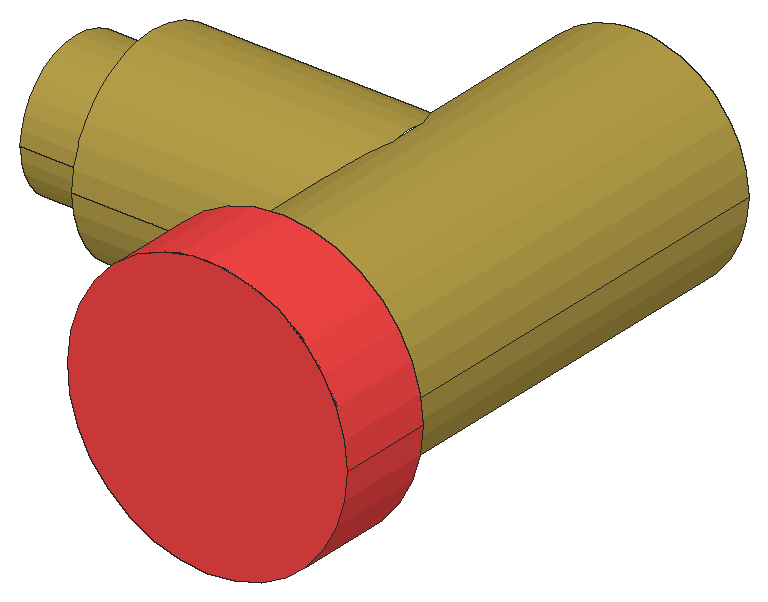
Revit family "Угловой запорно-регулирующий вентиль", category Арматура трубопроводов, Revit 2020
Family settings
  Размер круглого соединителя = Использовать диаметр
  Тип детали = Клапан - Вставляется
  Номер OmniClass = 23.65.55.14.21
  Заголовок OmniClass = Non-Return Valves for Liquid Services
  На основе рабочей плоскости = Нет
  Всегда вертикально = Нет
  При загрузке вырезать с полостями = Нет
  Общий = Да
Parameters (values of type "Dn15")
  Отметка по умолчанию = 0 mm
  Материал клапана = Латунь
  K Coefficient = 0
  Толщина крышки = 0.15 * Длина корпуса  # 12.3 mm
  Высота крышки = 36 mm
  Диаметр крышки = 39 mm
  Длина корпуса = 82 mm
  Диаметр корпуса = 0.6 * Диаметр адаптера  # 10.8 mm
  Длина адаптера = 0.1 * Длина корпуса  # 8.2 mm
  Диаметр адаптера = 1.2 * ADSK_Диаметр условный  # 18 mm
  URL = "https://www.weser.ru/about/documentation/"
  Kvs [instance] = 0.0 m³/h
  ADSK_Позиция = ""
  ADSK_Наименование краткое = "Термостатический вентиль"  # constant formula
  ADSK_Наименование = "Угловой запорно-регулирующий вентиль Dn15"
  ADSK_Масса_Текст = ""
  ADSK_Код изделия = "820220"
  ADSK_Завод-изготовитель = "Weser"  # constant formula
  ADSK_Единица измерения = "шт."  # constant formula
  ADSK_Диаметр условный = 15 mm
  ADSK_Группирование [instance] = ""
Types (2, lengths in mm): name | Диаметр корпуса | Диаметр адаптера | ADSK_Наименование | ADSK_Код изделия | ADSK_Диаметр условный
  Dn15 | 10.8 | 18 | "Угловой запорно-регулирующий вентиль Dn15" | "820220" | 15
  Dn20 | 14.4 | 24 | "Угловой запорно-регулирующий вентиль Dn20" | "820230" | 20
Reference planes
  plane 1 "По центру (Вперед/Назад)": y = 0
  plane 2: z = 0
  plane 3 "По центру (Влево/Вправо)": x = 0
  plane 4: x = -41
  plane 5: x = 41
  plane 6: x = -32.8
  plane 7: z = 23.7
  plane 8: z = 36
  plane 9: z = -10.8
  plane 10: z = -16.8
  plane 11: x = -3.6
  plane 12: x = -10.8
  plane 13: y = 23.671
  plane 14: y = -23.671
Forms (mm)
  Extrusion 1, solid, material "Латунь" <- "Материал клапана", detail levels fine
    sketch origin (0, 0, 0) x (0, 1, 0) y (0, 0, 1)
      loop
        circle (0, 0) r 10.8
    from -32.8 to 0
  Extrusion 2, solid, material "Латунь" <- "Материал клапана", detail levels fine
    sketch origin (0, 0, 0) x (1, 0, 0) y (0, 0, 1)
      loop
        circle (0, 0) r 11.951
    from -23.739 to 23.671
  Extrusion 3, solid, material "Латунь" <- "Материал клапана", detail levels fine
    sketch origin (-41, 552.765, 1219.2) x (0, 1, 0) y (0, 0, 1)
      loop
        circle (-552.765, -1219.2) r 7.5
    from 0 to 8.2
  Extrusion 4, solid, material "Пластик Красный", detail levels fine
    sketch origin (-152.652, -23.671, 1219.2) x (-1, 0, 0) y (0, 0, 1)
      loop
        circle (-152.652, -1219.2) r 15
    from 0 to -10
Cuts and joins
  joined: Extrusion 1, Extrusion 2, Extrusion 3
Dimensions and locks
  equal spacing: plane 4, plane 3 "По центру (Влево/Вправо)", plane 5
  "Длина корпуса": plane 4 to plane 5
  "Длина адаптера": plane 4 to plane 6
  "Толщина крышки": plane 8 to plane 7
  "Высота крышки": plane 8 to plane 2
  locked: plane 2 to plane 9 at 10.8
  locked: plane 9 to plane 10 at 6
  locked: plane 3 "По центру (Влево/Вправо)" to plane 11 at 3.6
  locked: plane 3 "По центру (Влево/Вправо)" to plane 12 at 10.8
  locked: plane 13 to plane 1 "По центру (Вперед/Назад)" at 23.671
  locked: plane 1 "По центру (Вперед/Назад)" to plane 14 at 23.671
  locked: Extrusion 1 sketch curve to Extrusion 1 sketch curve (radius 10.8 mm)
  "ADSK_Диаметр условный": diameter of Extrusion 3 sketch curve
  aligned and locked: plane 2 to Extrusion 1 sketch curve
  aligned and locked: plane 1 "По центру (Вперед/Назад)" to Extrusion 1 sketch curve
  aligned and locked: Extrusion 1 to plane 6
  aligned and locked: plane 3 "По центру (Влево/Вправо)" to Extrusion 2 sketch curve
  aligned and locked: cut or joined group of Extrusion 1, Extrusion 2, Extrusion 3 to plane 14
  aligned and locked: plane 6 to Extrusion 3
  aligned and locked: Extrusion 3 to plane 4
  aligned and locked: nested 1 to plane 3 "По центру (Влево/Вправо)"
  aligned and locked: plane 1 "По центру (Вперед/Назад)" to nested 1
Automatic sketch dimensions
  Extrusion 2 sketch curve to level = 0 mm
  Extrusion 3 sketch curve to level = 0 mm
  Extrusion 3 sketch curve to plane 1 "По центру (Вперед/Назад)" = 0 mm
  Extrusion 4 sketch curve to level = 0 mm
  Extrusion 4 sketch curve to plane 3 "По центру (Влево/Вправо)" = 0 mm
  radius of Extrusion 2 sketch curve = 11.951 mm
  radius of Extrusion 4 sketch curve = 15 mm
Nested families
  nested 1: "УГО Клапан регулирующий угловой" at (0, 0, 0), type "УГО Клапан регулирующий проходной", detail levels coarse+medium
    with УГО в разрезе no, УГО в плане yes, L1 14.674 mm, L 102.717 mm, H 37.601 mm, D 37.601 mm, ADSK_Позиция "", ADSK_Обозначение "", ADSK_Наименование "", ADSK_Код изделия ""
Connectors
  piping at (-32.8, 0, 0), diameter 15, driven by "ADSK_Диаметр условный"
    settings: on cut or joined group of Extrusion 1, Extrusion 2, Extrusion 3, index 1, connector inside diameter 609.6 mm, connector length 0 mm, flow factor 0, pipe flow 0.0 m³/h, pressure drop 0.0 Pa, fitting loss kfactor 0, connector angle 0.00°, fixture units 0, engagement length 0 mm, angle of deflection 0.00°, flow configuration 0, flow direction 0, fitting loss method 0, system type 29, joint type 0, gender type 0, connector reference index 2, connector utility 0, adjustable connector no, is connector primary yes, connector description ""
  piping at (0, 23.739, 0), diameter 15, driven by "ADSK_Диаметр условный"
    settings: on cut or joined group of Extrusion 1, Extrusion 2, Extrusion 3, index 2, connector inside diameter 609.6 mm, connector length 0 mm, flow factor 0, pipe flow 0.0 m³/h, pressure drop 0.0 Pa, fitting loss kfactor 0, connector angle 90.00°, fixture units 0, engagement length 0 mm, angle of deflection 0.00°, flow configuration 0, flow direction 0, fitting loss method 0, system type 29, joint type 0, gender type 0, connector reference index 1, connector utility 0, adjustable connector no, is connector primary no, connector description ""
  piping at (0, -23.671, 0), diameter 30
    settings: on Extrusion 4, index 3, connector inside diameter 609.6 mm, connector length 0 mm, flow factor 0, pipe flow 0.0 m³/h, pressure drop 0.0 Pa, fitting loss kfactor 0, connector angle 0.00°, fixture units 0, engagement length 0 mm, angle of deflection 0.00°, flow configuration 0, flow direction 0, fitting loss method 0, system type 28, joint type 0, gender type 0, connector reference index -1, connector utility 0, adjustable connector no, is connector primary no, connector description ""
Definition of nested family "УГО Клапан регулирующий угловой"
  Parameters (values of type "УГО Клапан запорно-балансировочный ручной")
    УГО в разрезе [instance] = not(УГО в плане)  # no
    УГО в плане [instance] = yes
    Разработчик (телефон) = ""
    Разработчик (email) = ""
    Разработчик (URL) = ""
    Разработчик = ""
    Default Elevation = 0 mm
    Manufacturer = ""
    L1 [instance] = L / 7  # 14.286 mm
    L [instance] = 100 mm
    H [instance] = D  # 44.634 mm
    D [instance] = 44.634 mm
    ADSK_Позиция [instance] = ""
    ADSK_Обозначение [instance] = ""
    ADSK_Наименование [instance] = ""
    ADSK_Масса = 0
    ADSK_Количество = 1  # constant formula
    ADSK_Код изделия [instance] = ""
    ADSK_Завод-изготовитель = Manufacturer  # ""
    ADSK_Единица измерения = "шт"  # constant formula
    ADSK_URL документации изделия = ""
  Types (3, lengths in mm): name | L1 | L | H | D
    УГО Клапан регулирующий проходной | 3.146 | 22.023 | 44.634 | 44.634
    УГО Клапан запорный | 28.571 | 200 | 100 | 100
    УГО Клапан запорно-балансировочный ручной | 14.286 | 100 | 44.634 | 44.634
  Reference planes
    plane 1 "По центру (Вперед/Назад)": y = 0
    plane 2: z = 0
    plane 3 "По центру (Влево/Вправо)": x = 0
    plane 4: x = -50
    plane 5: x = -7.143
    plane 6: x = 50
    plane 7: x = 7.143
    plane 8: y = 44.634
    plane 9: y = 22.317
    plane 10: y = -22.317
    plane 11: z = 22.317
    plane 12: z = 44.634
    plane 13: z = -22.317
    plane 14: x = -22.317
    plane 15: x = 22.317
    plane 16: y = 50
    plane 17: y = -50
    plane 18: y = -35
    plane 19: x = -35
  Lines and regions (mm)
    symbolic lines, detail levels coarse+medium
      curve 1: line (-35, 22.317, 0) -> (-35, -22.317, 0)
      curve 2: line (-35, -22.317, 0) -> (0, 0, 0)
      curve 3: line (0, 0, 0) -> (-35, 22.317, 0)
      curve 4: line (0, 0, 0) -> (-7.143, 22.317, 0)
      curve 5: line (-7.143, 22.317, 0) -> (7.143, 22.317, 0)
      curve 6: line (7.143, 22.317, 0) -> (0, 0, 0)
      curve 7: line (0, 22.317, 0) -> (0, 44.634, 0)
      curve 8: line (-22.317, -35, 0) -> (22.317, -35, 0)
      curve 9: line (22.317, -35, 0) -> (0, 0, 0)
      curve 10: line (0, 0, 0) -> (-22.317, -35, 0)
  Dimensions and locks
    equal spacing: plane 4, plane 3 "По центру (Влево/Вправо)", plane 6
    "L": plane 4 to plane 6
    equal spacing: plane 5, plane 3 "По центру (Влево/Вправо)", plane 7
    "L1": plane 5 to plane 7
    equal spacing: plane 9, plane 1 "По центру (Вперед/Назад)", plane 10
    "D": plane 9 to plane 10
    "H": plane 8 to plane 1 "По центру (Вперед/Назад)"
    equal spacing: plane 11, level, plane 13
    "D": plane 11 to plane 13
    "H": plane 12 to level
    "D": plane 14 to plane 15
    equal spacing: plane 14, plane 3 "По центру (Влево/Вправо)", plane 15
    "L": plane 16 to plane 17
    equal spacing: plane 16, plane 1 "По центру (Вперед/Назад)", plane 17
    locked: plane 18 to plane 17 at 15
    locked: plane 4 to plane 19 at 15
    aligned and locked: level to plane 2
    aligned and locked: curve 1 to plane 19
    aligned and locked: curve 8 to plane 18
    aligned and locked: plane 19 to curve 2
    aligned and locked: plane 9 to curve 3
  Automatic sketch dimensions
    curve 10 to plane 14 = 0 mm
    curve 4 to plane 5 = 0 mm
    plane 1 "По центру (Вперед/Назад)" to curve 4 = 0 mm
    curve 4 to plane 3 "По центру (Влево/Вправо)" = 0 mm
    curve 7 to plane 3 "По центру (Влево/Вправо)" = 0 mm
    curve 5 to plane 7 = 0 mm
    curve 8 to plane 15 = 0 mm
    plane 10 to curve 2 = 0 mm
    curve 6 to plane 9 = 0 mm
    curve 7 to plane 8 = 0 mm
